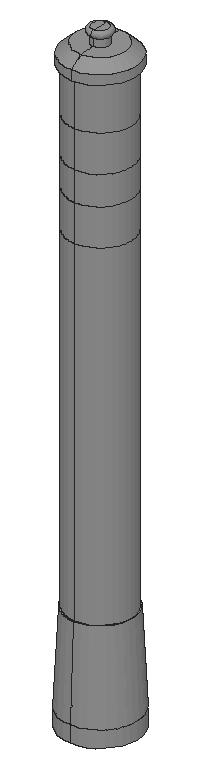
Revit family "Столбик парковочный ст-1", category Антураж, Revit 2017
Family settings
  На основе рабочей плоскости = Нет
  Всегда вертикально = Да
  При загрузке вырезать с полостями = Нет
  Источник визуального образа = Геометрия семейства
  Общий = Нет
  Точка расчета площади = Нет
Parameters (values of type "Столбик парковочный ст-1")
  Стоимость = 2592
  Изготовитель = "ООО \"Хоббика\""
  Высота = 0 mm
  URL = "https://hobbyka.ru/product/stolbik_parkovochnyi_st-1/?sphrase_id=70638"
  ADSK_Размер_Ширина = 90 mm
  ADSK_Размер_Высота = 760 mm
  ADSK_Наименование = "Столбик парковочный ст-1"
  ADSK_Материал парковочного столба = Сталь, хромированная
  ADSK_Материал отражателя = Сталь,  красный
  ADSK_Код изделия = "6892\r\n6892"
Reference planes
  plane 1 "По центру (Вперед/Назад)": y = 0
  plane 2: z = 0
  plane 3 "По центру (Влево/Вправо)": x = 0
Forms (mm)
  Revolve 1, solid, material "Сталь, хромированная" <- "ADSK_Материал парковочного столба"
    sketch origin (0, 0, 0) x (0, 1, 0) y (0, 0, 1)
      loop
        line (-10, 742.43) -> (-30.3, 742.43) -> (-43, 731.066) -> (-43, 719.702) -> (-38, 719.702) -> (-38, 665) -> (0, 665) -> (0, 760) -> (-10, 760)
        arc (-10, 760) -> (-13.784, 756.216) -> (-10, 752.431) r 3.784
        line (-10, 752.431) -> (-10, 742.43)
      loop
        line (-38, 620) -> (-38, 585) -> (0, 585) -> (0, 620) -> (-38, 620)
      loop
        line (-38, 540) -> (-38, 130) -> (-39.661, 130) -> (-45, 20) -> (-45, 0) -> (0, 0) -> (0, 540) -> (-38, 540)
      axis (0, 0) -> (0, 760)
    angle from 0 to 360
  Revolve 2, solid, material "Сталь,  красный" <- "ADSK_Материал отражателя"
    sketch origin (0, 0, 0) x (0, 1, 0) y (0, 0, 1)
      loop
        line (0, 665) -> (-38, 665) -> (-38, 620) -> (0, 620) -> (0, 665)
      loop
        line (0, 585) -> (-38, 585) -> (-38, 540) -> (0, 540) -> (0, 585)
      axis (0, 665) -> (0, 540)
    angle from 0 to 360
Dimensions and locks
  aligned and locked: level to plane 2
